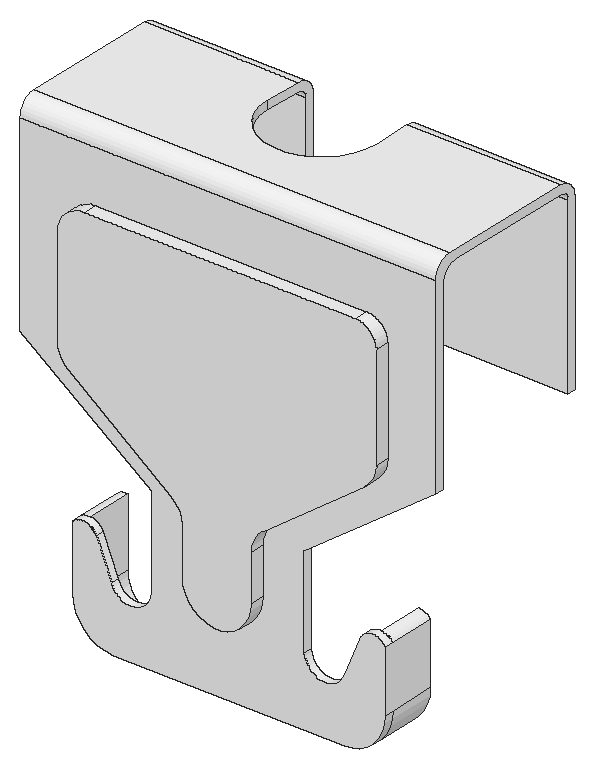
Revit family "sclip_25", category 機械設備, Revit 2022
Family settings
  丸型コネクタ寸法 = 直径を使用
  種別 = なし
  パーツ タイプ = 標準
  作業面ベース = いいえ
  常に垂直 = はい
  ロード時にボイドで切り取り = いいえ
  注釈の向きを維持 = いいえ
  共有 = いいえ
  部屋計算ポイント = いいえ
Parameters
  製造元 = "株式会社桐井製作所"
  既定の高さ = 0 mm
  URL = "https://www.kirii.co.jp/"
  K_品名 = "特殊25mmSクリップ"
  K_名称 = "特殊クリップ"
  K_入数 = "1000"
  K_バージョン情報 = "20211012"
Reference planes
  plane 1 "中心(正面/背面)": y = 0
  plane 2: z = 0
  plane 3 "中心(左/右)": x = 0
Forms (mm)
  Extrusion 1, solid
    sketch origin (0, 30, 0) x (0, 1, 0) y (0, 0, 1)
      loop
        line (-30, 0) -> (-29.4, -0.6) -> (-29.4, 31.75)
        arc (-29.4, 31.75) -> (-29.034, 32.634) -> (-28.15, 33) r 1.25
        line (-28.15, 33) -> (-18.75, 33)
        arc (-18.75, 33) -> (-18.29, 32.81) -> (-18.1, 32.35) r 0.65
        line (-18.1, 32.35) -> (-18.1, 19.25) -> (-17.5, 19.85) -> (-17.5, 32.35)
        arc (-17.5, 32.35) -> (-17.866, 33.234) -> (-18.75, 33.6) r 1.25
        line (-18.75, 33.6) -> (-28.75, 33.6)
        arc (-28.75, 33.6) -> (-29.634, 33.234) -> (-30, 32.35) r 1.25
        line (-30, 32.35) -> (-30, 0)
    from -15.091 to 14.909
  Extrusion 2, void
    sketch origin (0, -0.6, -0.8) x (0, 1, 0) y (0, 0, 1)
      loop
        line (0.387, 0.8) -> (0.387, -0.064) -> (1.428, -0.064) -> (1.428, 0.8) -> (0.387, 0.8)
    from -15.091 to 14.909
  Extrusion 3, void
    sketch origin (0, -4.1, -4.895) x (0, 1, 0) y (0, 0, 1)
      loop
        line (15.771, 24.744) -> (15.771, 23.898) -> (16.775, 23.898) -> (16.775, 24.744) -> (15.771, 24.744)
    from -15.091 to 14.909
  Extrusion 4, void
    sketch origin (0, 0, 0) x (1, 0, 0) y (0, 1, 0)
      loop
        line (-3.962, 12.5) -> (-4.091, 8.5)
        arc (-4.091, 8.5) -> (-0.091, 4.5) -> (3.909, 8.5) r 4
        line (3.909, 8.5) -> (3.78, 12.5) -> (-3.962, 12.5)
    from 19.002 to 33.6
  Extrusion 5, solid
    sketch origin (0, 0, 0) x (1, 0, 0) y (0, 0, 1)
      loop
        arc (-9.591, 28.6) -> (-11.005, 28.014) -> (-11.591, 26.6) r 2
        line (-11.591, 26.6) -> (-11.591, 19.602)
        arc (-11.591, 19.602) -> (-11.379, 18.706) -> (-10.788, 18) r 2
        line (-10.788, 18) -> (-3.381, 12.464)
        arc (-3.381, 12.464) -> (-2.79, 11.758) -> (-2.578, 10.862) r 2
        line (-2.578, 10.862) -> (-2.578, 7.521)
        arc (-2.578, 7.521) -> (-0.078, 5.021) -> (2.422, 7.521) r 2.5
        line (2.422, 7.521) -> (2.422, 10.881)
        arc (2.422, 10.881) -> (2.634, 11.777) -> (3.225, 12.483) r 2
        line (3.225, 12.483) -> (10.607, 18)
        arc (10.607, 18) -> (11.197, 18.706) -> (11.409, 19.602) r 2
        line (11.409, 19.602) -> (11.409, 27.1)
        arc (11.409, 27.1) -> (10.97, 28.161) -> (9.909, 28.6) r 1.5
        line (9.909, 28.6) -> (-9.591, 28.6)
    from 0 to 1
  Extrusion 6, void
    sketch origin (0, 0, 0) x (1, 0, 0) y (0, 0, 1)
      loop
        line (-15.091, 18.6) -> (-15.091, 0) -> (-8.3, 0)
        arc (-8.3, 0) -> (-10.421, 0.879) -> (-11.3, 3) r 3
        line (-11.3, 3) -> (-11.3, 7.657)
        arc (-11.3, 7.657) -> (-10.338, 7.895) -> (-9.586, 7.25) r 1.082
        line (-9.586, 7.25) -> (-8.507, 4.6)
        arc (-8.507, 4.6) -> (-6.886, 3.614) -> (-5.591, 5) r 1.504
        line (-5.591, 5) -> (-5.591, 11.6) -> (-15.091, 18.6)
      loop
        line (14.909, 0) -> (14.909, 18.6) -> (5.409, 11.6) -> (5.409, 5)
        arc (5.409, 5) -> (6.705, 3.614) -> (8.326, 4.6) r 1.504
        line (8.326, 4.6) -> (9.404, 7.25)
        arc (9.404, 7.25) -> (10.291, 7.918) -> (11.3, 7.453) r 1.082
        line (11.3, 7.453) -> (11.3, 3)
        arc (11.3, 3) -> (10.421, 0.879) -> (8.3, 0) r 3
        line (8.3, 0) -> (14.909, 0)
    from -0.6 to 0.455
  Extrusion 7, solid
    sketch origin (0, 0, 0) x (1, 0, 0) y (0, 0, 1)
      loop
        line (-8.3, 0) -> (8.3, 0)
        arc (8.3, 0) -> (10.421, 0.879) -> (11.3, 3) r 3
        line (11.3, 3) -> (11.3, 7.453)
        arc (11.3, 7.453) -> (10.952, 7.777) -> (10.5, 7.92) r 1.082
        line (10.5, 7.92) -> (10.5, 2.8)
        arc (10.5, 2.8) -> (9.856, 1.244) -> (8.3, 0.6) r 2.2
        line (8.3, 0.6) -> (-8.309, 0.6)
        arc (-8.309, 0.6) -> (-9.934, 1.317) -> (-10.5, 3) r 2.2
        line (-10.5, 3) -> (-10.5, 7.921)
        arc (-10.5, 7.921) -> (-10.927, 7.87) -> (-11.3, 7.657) r 1.082
        line (-11.3, 7.657) -> (-11.3, 3)
        arc (-11.3, 3) -> (-10.421, 0.879) -> (-8.3, 0) r 3
    from -4 to 0
Cuts and joins
  Extrusion 2, Extrusion 3, Extrusion 4, Extrusion 6 cuts Extrusion 1
  joined: Extrusion 1, Extrusion 5, Extrusion 7
Dimensions and locks
  aligned and locked: level to plane 2
Automatic sketch dimensions
  Extrusion 1 sketch curve to Extrusion 1 sketch curve = 0 mm  (x3)
  Extrusion 1 sketch curve to level = 0 mm
  Extrusion 1 sketch curve to plane 1 "中心(正面/背面)" = 0 mm
  Extrusion 1 sketch curve to plane 1 "中心(正面/背面)" = 0.6 mm
  Extrusion 1 sketch curve to Extrusion 1 sketch curve = 0.65 mm
  Extrusion 1 sketch curve to Extrusion 1 sketch curve = 0.6 mm  (x3)
  Extrusion 1 sketch curve to Extrusion 1 sketch curve = 9.4 mm
  Extrusion 1 sketch curve to plane 1 "中心(正面/背面)" = 11.9 mm
  Extrusion 1 sketch curve to level = 0.6 mm
  level to Extrusion 1 sketch curve = 19.25 mm
  Extrusion 1 sketch curve to Extrusion 1 sketch curve = 11.9 mm
  Extrusion 2 sketch curve to level = 0 mm
  plane 1 "中心(正面/背面)" to Extrusion 2 sketch curve = 0.213 mm
  Extrusion 2 sketch curve to plane 1 "中心(正面/背面)" = 0.828 mm
  Extrusion 2 sketch curve to level = 0.865 mm
  Extrusion 3 sketch curve to plane 1 "中心(正面/背面)" = 11.671 mm
  Extrusion 3 sketch curve to Extrusion 3 sketch curve = 1.003 mm
  level to Extrusion 3 sketch curve = 19.002 mm
  Extrusion 3 sketch curve to Extrusion 3 sketch curve = 0.847 mm
  Extrusion 4 sketch curve to plane 3 "中心(左/右)" = 4.091 mm
  Extrusion 4 sketch curve to plane 3 "中心(左/右)" = 3.962 mm
  Extrusion 4 sketch curve to plane 3 "中心(左/右)" = 0.091 mm
  plane 3 "中心(左/右)" to Extrusion 4 sketch curve = 3.78 mm
  Extrusion 4 sketch curve to plane 1 "中心(正面/背面)" = 8.5 mm
  Extrusion 4 sketch curve to Extrusion 4 sketch curve = 4 mm
  Extrusion 5 sketch curve to plane 3 "中心(左/右)" = 11.591 mm
  Extrusion 5 sketch curve to Extrusion 5 sketch curve = 0.803 mm  (x3)
  Extrusion 5 sketch curve to Extrusion 5 sketch curve = 2 mm
  Extrusion 5 sketch curve to Extrusion 5 sketch curve = 1.197 mm  (x4)
  Extrusion 5 sketch curve to plane 3 "中心(左/右)" = 4.578 mm
  Extrusion 5 sketch curve to plane 3 "中心(左/右)" = 0.078 mm
  plane 3 "中心(左/右)" to Extrusion 5 sketch curve = 9.409 mm
  Extrusion 5 sketch curve to Extrusion 5 sketch curve = 0.5 mm
  Extrusion 5 sketch curve to Extrusion 5 sketch curve = 1.5 mm
  level to Extrusion 5 sketch curve = 7.521 mm
  Extrusion 5 sketch curve to Extrusion 5 sketch curve = 3.342 mm
  Extrusion 5 sketch curve to Extrusion 5 sketch curve = 3.361 mm
  Extrusion 5 sketch curve to Extrusion 5 sketch curve = 5.517 mm
  Extrusion 5 sketch curve to Extrusion 5 sketch curve = 5.536 mm
  Extrusion 5 sketch curve to Extrusion 5 sketch curve = 6.998 mm
  Extrusion 6 sketch curve to level = 0 mm  (x2)
  Extrusion 6 sketch curve to plane 3 "中心(左/右)" = 15.091 mm
  level to Extrusion 6 sketch curve = 3 mm
  Extrusion 6 sketch curve to Extrusion 6 sketch curve = 3.791 mm
  Extrusion 6 sketch curve to Extrusion 6 sketch curve = 0.712 mm
  Extrusion 6 sketch curve to Extrusion 6 sketch curve = 1.003 mm  (x2)
  Extrusion 6 sketch curve to Extrusion 6 sketch curve = 0.207 mm
  Extrusion 6 sketch curve to Extrusion 6 sketch curve = 1.417 mm  (x2)
  Extrusion 6 sketch curve to plane 3 "中心(左/右)" = 5.591 mm
  plane 3 "中心(左/右)" to Extrusion 6 sketch curve = 5.409 mm
  Extrusion 6 sketch curve to Extrusion 6 sketch curve = 1.5 mm
  Extrusion 6 sketch curve to Extrusion 6 sketch curve = 1.391 mm
  level to Extrusion 6 sketch curve = 4.6 mm
  Extrusion 6 sketch curve to Extrusion 6 sketch curve = 1.078 mm
  Extrusion 6 sketch curve to Extrusion 6 sketch curve = 3 mm
  Extrusion 6 sketch curve to Extrusion 6 sketch curve = 3.609 mm
  Extrusion 6 sketch curve to Extrusion 6 sketch curve = 1.6 mm
  Extrusion 6 sketch curve to Extrusion 6 sketch curve = 0.4 mm  (x2)
  Extrusion 6 sketch curve to Extrusion 6 sketch curve = 2.242 mm  (x2)
  Extrusion 6 sketch curve to Extrusion 6 sketch curve = 0.408 mm  (x2)
  Extrusion 6 sketch curve to Extrusion 6 sketch curve = 4.35 mm  (x2)
  Extrusion 6 sketch curve to Extrusion 6 sketch curve = 10.943 mm
  Extrusion 6 sketch curve to Extrusion 6 sketch curve = 11.147 mm
  Extrusion 7 sketch curve to level = 0 mm
  level to Extrusion 7 sketch curve = 3 mm
  Extrusion 7 sketch curve to plane 3 "中心(左/右)" = 11.3 mm
  Extrusion 7 sketch curve to Extrusion 7 sketch curve = 0.8 mm  (x2)
  Extrusion 7 sketch curve to Extrusion 7 sketch curve = 0.009 mm
  level to Extrusion 7 sketch curve = 0.6 mm
  plane 3 "中心(左/右)" to Extrusion 7 sketch curve = 8.3 mm
  Extrusion 7 sketch curve to Extrusion 7 sketch curve = 0 mm
  Extrusion 7 sketch curve to Extrusion 7 sketch curve = 2.107 mm
  Extrusion 7 sketch curve to Extrusion 7 sketch curve = 0.2 mm  (x2)
  Extrusion 7 sketch curve to Extrusion 7 sketch curve = 3.842 mm  (x2)
  Extrusion 7 sketch curve to Extrusion 7 sketch curve = 0.611 mm
  Extrusion 7 sketch curve to Extrusion 7 sketch curve = 0.093 mm
  Extrusion 7 sketch curve to Extrusion 7 sketch curve = 0.263 mm
  Extrusion 7 sketch curve to Extrusion 7 sketch curve = 0.712 mm
